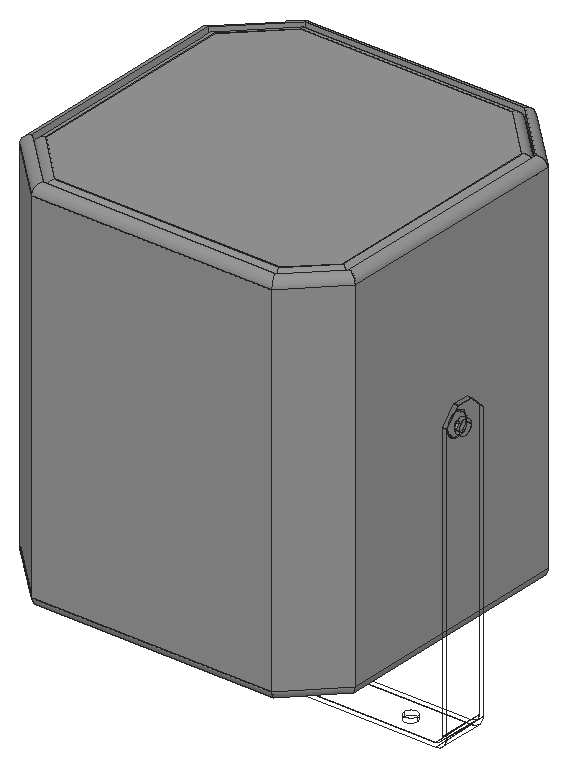
Revit family "1 SOUND_Cannon Series Clamp Mounted", category Communication Devices, host Face, Revit 2020
Family settings
  Host = Face
  Maintain Annotation Orientation = No
  Round Connector Dimension = Use Diameter
  Part Type = Normal
  Cut with Voids When Loaded = No
  Shared = No
  Room Calculation Point = No
Parameters (values of type "C5 with C-Clamp")
  Width - Overall = 200.00 mm
  Width - Mounting Holes = 70.00 mm
  Weight = "9.4 lb / 4.3 kg"
  URL = "https://www.1-sound.com/cannon-coaxials"
  Speaker Type = 1 SOUND_Cannon_C5 : C5
  Speaker Mesh Finish [instance] = 1 Sound - Speaker Mesh_Fabric_Black
  Speaker Box Finish [instance] = 1 Sound - Speaker Box_Black
  Category = "Speaker"  # constant formula
  Angle Limits [instance] = if(Angle Calculation < 0.00°, 0.00°, if(Angle Calculation > 180.00°, 180.00°, Angle Calculation))  # 90.00°
  Angle Calculation [instance] = 90.00° + (Angle)  # 90.00°
  Rigging = "(4) M6 points"  # constant formula
  Power = "240 watts (continuous), 120 watts (AES)"
  Model = "C5"
  Manufacturer = "1 SOUND"  # constant formula
  Impedance = "16Ω"
  Dimensions (HxWxD) = "7.5” (190 mm) x 7.5” (190 mm) x 8.2” (208 mm)"
  Depth - Overall = 167.00 mm
  Default Elevation = 2438.40 mm  # constant formula
  Construction = "Finland birch plywood (phenolic glue), polyurea, clear matte salt and UV resistant coating, 316 stainless steel hardware, 3D spacer mesh fabric"  # constant formula
  Connectors = "(2) NL4, 2-circuit switch"
  Bandwidth = "65 Hz - 18 kHz (-6 dB)"
  Angle [instance] = 0.00°
  Accessory Used = "C-Clamp; C5"
  Accessory Finish [instance] = 1 Sound - Powder Coat_Black
Types (5, lengths in mm): name | Width - Overall | Width - Mounting Holes | Weight | Speaker Type | Angle Limits | Angle Calculation | Power | Model | Impedance | Dimensions (HxWxD) | Depth - Overall | Connectors | Bandwidth | Angle | Accessory Used
  C5 with C-Clamp | 200.00 | 70.00 | "9.4 lb / 4.3 kg" | 1 SOUND_Cannon_C5 : C5 | 90.00° | 90.00° | "240 watts (continuous), 120 watts (AES)" | "C5" | "16Ω" | "7.5” (190 mm) x 7.5” (190 mm) x 8.2” (208 mm)" | 167.00 | "(2) NL4, 2-circuit switch" | "65 Hz - 18 kHz (-6 dB)" | 0.00° | "C-Clamp; C5"
  C6i with C-Clamp | 225.00 | 70.00 | "10.6 lb / 4.8 kg" | 1 SOUND_Cannon_C6 : C6i | 135.00° | 135.00° | "240 watts (continuous), 120 watts (AES)" | "C6i" | "16Ω" | "8.5” (216 mm) x 8.5” (216 mm) x 8.2” (208 mm)" | 172.70 | "(1) screw terminal block with input +/- and loop +/-" | "60 Hz - 18 kHz (-6 dB)" | 45.00° | "C-Clamp; C6"
  C6 with C-Clamp | 225.00 | 70.00 | "10.6 lb / 4.8 kg" | 1 SOUND_Cannon_C6 : C6 | 90.00° | 90.00° | "240 watts (continuous), 120 watts (AES)" | "C6" | "16Ω" | "8.5” (216 mm) x 8.5” (216 mm) x 8.2” (208 mm)" | 172.70 | "(2) NL4, 2-circuit switch" | "60 Hz - 18 kHz (-6 dB)" | 0.00° | "C-Clamp; C6"
  C5i with C-Clamp | 200.00 | 70.00 | "9.4 lb / 4.3 kg" | 1 SOUND_Cannon_C5 : C5i | 90.00° | 90.00° | "240 watts (continuous), 120 watts (AES)" | "C5i" | "16Ω" | "7.5” (190 mm) x 7.5” (190 mm) x 8.2” (208 mm)" | 167.00 | "(1) screw terminal block with input +/- and loop +/-" | "65 Hz - 18 kHz (-6 dB)" | 0.00° | "C-Clamp; C5"
  C4i with C-Clamp | 160.00 | 52.50 | "5.1 lb / 2.3 kg" | 1 SOUND_Cannon_C4i : C4i | 90.00° | 90.00° | "200 watts (continuous), 100 watts (AES)" | "C4i" | "8Ω" | "5.9” (150 mm) x 5.9” (150 mm) x 7” (180 mm)" | 145.00 | "(1) screw terminal block with input +/- and loop +/-" | "100 Hz - 18 kHz (-6 dB)" | 0.00° | "C-Clamp; C4i"
Reference planes
  plane 1 "Center (Front/Back)": y = 0
  plane 2: z = 0
  plane 3 "Center (Left/Right)": x = 0
  plane 4: x = -100
  plane 5: x = 100
  plane 6: z = 167
  plane 7: z = 144
  plane 8: x = -70
  plane 9: x = 70
  plane 10: z = 154.3
Forms (mm)
  Extrusion 1, solid, material "1 Sound - Powder Coat_Black" <- "Accessory Finish"
    sketch origin (0, 0, 0) x (1, 0, 0) y (0, 0, 1)
      loop
        line (-100, 144) -> (-100, 6.5)
        arc (-100, 6.5) -> (-98.096, 1.904) -> (-93.5, 0) r 6.5
        line (-93.5, 0) -> (93.5, 0)
        arc (93.5, 0) -> (98.096, 1.904) -> (100, 6.5) r 6.5
        line (100, 6.5) -> (100, 144) -> (97.5, 144) -> (97.5, 6.5)
        arc (97.5, 6.5) -> (96.328, 3.672) -> (93.5, 2.5) r 4
        line (93.5, 2.5) -> (-93.5, 2.5)
        arc (-93.5, 2.5) -> (-96.328, 3.672) -> (-97.5, 6.5) r 4
        line (-97.5, 6.5) -> (-97.5, 144) -> (-100, 144)
    from -12.7 to 12.7
  Extrusion 2, solid, material "1 Sound - Powder Coat_Black" <- "Accessory Finish"
    sketch origin (0, 0, 0) x (0, 1, 0) y (0, 0, 1)
      loop
        line (12.7, 159) -> (4.7, 167) -> (-4.7, 167) -> (-12.7, 159) -> (-12.7, 144) -> (12.7, 144) -> (12.7, 159)
      loop
        circle (0, 154.3) r 4.22
    from -100 to -97.5
  Extrusion 3, solid, material "1 Sound - Powder Coat_Black" <- "Accessory Finish"
    sketch origin (0, 0, 0) x (0, 1, 0) y (0, 0, -1)
      loop
        line (12.7, -159) -> (12.7, -144) -> (-12.7, -144) -> (-12.7, -159) -> (-4.7, -167) -> (4.7, -167) -> (12.7, -159)
      loop
        circle (0, -154.3) r 4.22
    from -100 to -97.5
  Revolve 4, solid, material "1 Sound - Powder Coat_Black" <- "Accessory Finish"
    sketch origin (0, 0, 0) x (1, 0, 0) y (0, 0, 1)
      loop
        line (0, -0.548) -> (6.35, -0.548) -> (6.35, 2.5) -> (7.234, 2.5) -> (7.234, 8.442) -> (6.35, 9.326) -> (4.853, 9.326) -> (3.969, 8.442) -> (3.969, 2.5) -> (0, 2.5) -> (0, -0.548)
      axis (0, -0.548) -> (0, 9.326)
    angle from 0 to 360
  Extrusion 5, void
    sketch origin (0, 0, 0) x (1, 0, 0) y (0, 1, 0)
      loop
        circle (-70, 0) r 3.6
    from 0 to 2.5
  Extrusion 6, void
    sketch origin (0, 0, 0) x (1, 0, 0) y (0, 1, 0)
      loop
        circle (70, 0) r 3.6
    from 0 to 2.5
Cuts and joins
  Extrusion 5, Extrusion 6 cuts Extrusion 1
  Extrusion 5, Extrusion 6 cuts Extrusion 2
  Extrusion 5, Extrusion 6 cuts Extrusion 3
  joined: Extrusion 1, Extrusion 2, Extrusion 3
Lines and regions (mm)
  reference lines
    curve 1: line (0, 0, 154.3) -> (0, 0, 243.246)
Dimensions and locks
  equal spacing: plane 4, plane 3 "Center (Left/Right)", plane 5
  "Width - Overall": plane 4 to plane 5
  "Depth - Overall": plane 6 to host face
  locked: plane 6 to plane 7 at 23
  locked: plane 4 to cut or joined group of Extrusion 1, Extrusion 2, Extrusion 3, Extrusion 5, Extrusion 6 at 2.5
  locked: cut or joined group of Extrusion 1, Extrusion 2, Extrusion 3, Extrusion 5, Extrusion 6 to plane 5 at 2.5
  equal spacing: plane 8, plane 3 "Center (Left/Right)", plane 9
  "Width - Mounting Holes": plane 8 to plane 3 "Center (Left/Right)"
  "Width - Mounting Holes": plane 3 "Center (Left/Right)" to plane 9
  locked: plane 6 to plane 10 at 12.7
  "Angle Limits": angle curve 1 to plane 10
  aligned and locked: plane 2 to host face
  aligned and locked: level to host face
  aligned and locked: Extrusion 1 sketch curve to plane 7
  aligned and locked: plane 7 to Extrusion 1 sketch curve
  aligned and locked: plane 6 to Extrusion 2 sketch curve
  aligned and locked: Extrusion 2 sketch curve to plane 7
  aligned and locked: Extrusion 3 sketch curve to plane 6
  aligned and locked: plane 7 to Extrusion 3 sketch curve
  aligned and locked: plane 4 to Extrusion 2
  aligned and locked: Extrusion 3 to plane 5
  aligned and locked: Extrusion 1 to Extrusion 2
  aligned and locked: curve 1 to nested 1
  aligned and locked: plane 1 "Center (Front/Back)" to curve 1
  aligned and locked: plane 10 to curve 1
Automatic sketch dimensions
  host sketch curve to host sketch curve = 2438.40 mm  (x2)
  Extrusion 1 sketch curve to Extrusion 1 sketch curve = 0.00 mm  (x4)
  plane 4 to Extrusion 1 sketch curve = 0.00 mm
  Extrusion 1 sketch curve to level = 0.00 mm
  plane 5 to Extrusion 1 sketch curve = 0.00 mm
  Extrusion 1 sketch curve to Extrusion 1 sketch curve = 2.50 mm
  Extrusion 1 sketch curve to Extrusion 1 sketch curve = 4.00 mm
  plane 5 to Extrusion 1 sketch curve = 6.50 mm
  Extrusion 2 sketch curve to plane 1 "Center (Front/Back)" = 0.00 mm
  plane 1 "Center (Front/Back)" to Extrusion 2 sketch curve = 4.70 mm
  Extrusion 2 sketch curve to Extrusion 2 sketch curve = 8.00 mm
  Extrusion 2 sketch curve to plane 1 "Center (Front/Back)" = 4.70 mm
  Extrusion 2 sketch curve to plane 1 "Center (Front/Back)" = 12.70 mm
  plane 7 to Extrusion 2 sketch curve = 10.30 mm
  Extrusion 2 sketch curve to plane 6 = 8.00 mm  (x2)
  Extrusion 3 sketch curve to plane 1 "Center (Front/Back)" = 0.00 mm
  plane 1 "Center (Front/Back)" to Extrusion 3 sketch curve = 4.70 mm
  Extrusion 3 sketch curve to Extrusion 3 sketch curve = 8.00 mm
  Extrusion 3 sketch curve to plane 1 "Center (Front/Back)" = 4.70 mm
  Extrusion 3 sketch curve to plane 1 "Center (Front/Back)" = 12.70 mm
  Extrusion 3 sketch curve to plane 6 = 8.00 mm  (x2)
  plane 7 to Extrusion 3 sketch curve = 10.30 mm
  Revolve 4 sketch curve to plane 3 "Center (Left/Right)" = 0.00 mm  (x2)
  Revolve 4 sketch curve to Revolve 4 sketch curve = 0.884 mm  (x5)
  Revolve 4 sketch curve to level = 0.548 mm
  level to Revolve 4 sketch curve = 2.50 mm
  Revolve 4 sketch curve to Revolve 4 sketch curve = 0.00 mm  (x3)
  Revolve 4 sketch curve to Revolve 4 sketch curve = 5.942 mm
  plane 3 "Center (Left/Right)" to Revolve 4 sketch curve = 3.969 mm
  Revolve 4 sketch curve to Revolve 4 sketch curve = 2.381 mm
  plane 1 "Center (Front/Back)" to Extrusion 5 sketch curve = 0.00 mm
  Extrusion 5 sketch curve to plane 8 = 0.00 mm
  plane 1 "Center (Front/Back)" to Extrusion 6 sketch curve = 0.00 mm
  Extrusion 6 sketch curve to plane 9 = 0.00 mm
  radius of Extrusion 2 sketch curve = 4.22 mm
  radius of Extrusion 3 sketch curve = 4.22 mm
  radius of Extrusion 5 sketch curve = 3.60 mm
  radius of Extrusion 6 sketch curve = 3.60 mm
Nested families
  nested 1: "1 SOUND_Cannon_C5" at (8.925, -95, 258.3) x (1, 0, 0) z (0, 1, 0), type <- "Speaker Type", Speaker Box Finish <- "Speaker Box Finish", Speaker Mesh Finish <- "Speaker Mesh Finish", type "C5"
    with Speaker Mesh Finish 1 Sound - Speaker Mesh_Fabric_Black, Speaker Box Finish 1 Sound - Speaker Box_Black, Origin Plane 95.00 mm, Origin Is Centered no, Connector - Screw Terminal Block no, Connector - NL4 yes
  nested 2: "1 SOUND_Cannon_C-Clamp Screw" at (95, 0, 145.375) x (0, 0, -1) z (0, 1, 0), type "C-Clamp Screw"
  nested 3: "1 SOUND_Cannon_C-Clamp Screw" at (-95, 0, 145.375) x (0, 0, -1) z (0, 1, 0), type "C-Clamp Screw"
Definition of nested family "1 SOUND_Cannon_C5"
  Parameters (values of type "Cannon C5i")
    Width - Overall = 190.00 mm
    Weight = "9.4 lb / 4.3 kg"
    URL = "https://www.1-sound.com/cannon-coaxials"
    Speaker Mesh Finish [instance] = none
    Speaker Box Finish [instance] = none
    Rigging = "(4) M6 points"  # constant formula
    Power = "240 watts (continuous), 120 watts (AES)"
    Origin Plane [instance] = if(Origin Is Centered, 0.00 mm, (Height Overall / 2))  # 95.00 mm
    Origin Is Centered [instance] = no
    Model = "C5i"
    Manufacturer = "1 Sound"  # constant formula
    Impedance = "16Ω"
    Height Overall = 190.00 mm
    Dimensions (HxWxD) = "7.5” (190 mm) x 7.5” (190 mm) x 8.2” (208 mm)"
    Depth - Overall = 208.00 mm
    Default Elevation = 1219.20 mm
    Construction = "Finland birch plywood (phenolic glue), polyurea, clear matte salt and UV resistant coating, 316 stainless steel hardware, 3D spacer mesh fabric"  # constant formula
    Connectors = "(1) screw terminal block with input +/- and loop +/-"
    Connector - Screw Terminal Block = yes
    Connector - NL4 = no
    Bandwidth = "65 Hz - 18 kHz (-6 dB)"
  Types (3, lengths in mm): name | Origin Plane | Origin Is Centered | Model | Connectors | Connector - Screw Terminal Block | Connector - NL4
    (no name) | 95.00 | no | "C5i" | "(1) screw terminal block with input +/- and loop +/-" | yes | no
    Cannon C5 | 0.00 | yes | "C5" | "(2) NL4, 2-circuit switch" | no | yes
    Cannon C5i | 95.00 | no | "C5i" | "(1) screw terminal block with input +/- and loop +/-" | yes | no
  Reference planes
    plane 1 "Center (Front/Back)": y = 0
    plane 2: z = 0
    plane 3 "Center (Left/Right)": x = -8.925
    plane 4 "Speaker Depth": y = 208
    plane 5: z = 190
    plane 6: x = 86.075
    plane 7: x = -103.925
    plane 8: z = 95
    plane 9: y = 104
    plane 10: x = -53.925
    plane 11: z = 0
  Forms (mm)
    Sweep 1, solid, material <- "Speaker Box Finish"
      path origin (0, 0, 107) x (1, 0, 0) y (0, 0, 1)
        loop
          line (-69.469, 78) -> (-98.925, 48.544) -> (-98.925, -72.544) -> (-69.469, -102) -> (58.576, -102) -> (81.075, -79.501) -> (81.075, 48.544) -> (51.619, 78) -> (-69.469, 78)
      profile origin (-8.925, 0, 185) x (0, 0, 1) y (0, -1, 0)
        loop
          arc (5, -5) -> (3.536, -1.464) -> (0, 0) r 5
          line (0, 0) -> (0, -5) -> (5, -5)
    Sweep 2, solid, material <- "Speaker Mesh Finish"
      path origin (761.008, 109, -738.704) x (1, 0, 0) y (0, 0, -1)
        loop
          line (-711.667, -918.204) -> (-685.433, -891.97) -> (-685.433, -768.481) -> (-704.71, -749.204) -> (-828.199, -749.204) -> (-854.433, -775.438) -> (-854.433, -891.97) -> (-828.199, -918.204) -> (-711.667, -918.204)
      profile origin (-8.925, 109, 179.5) x (0, 0, 1) y (0, 1, 0)
        loop
          line (5, -104) -> (0, -104) -> (0, -109)
          arc (0, -109) -> (3.536, -107.536) -> (5, -104) r 5
    Sweep 3, solid, material <- "Speaker Box Finish"
      path origin (0, 208, 107) x (-1, 0, 0) y (0, 0, 1)
        loop
          line (69.469, 78) -> (-51.619, 78) -> (-81.075, 48.544) -> (-81.075, -79.501) -> (-58.576, -102) -> (69.469, -102) -> (98.925, -72.544) -> (98.925, 48.544) -> (69.469, 78)
      profile origin (-8.925, 208, 185) x (0, 0, -1) y (0, 1, 0)
        loop
          line (-5, -5) -> (0, -5) -> (0, 0)
          arc (0, 0) -> (-3.536, -1.464) -> (-5, -5) r 5
    Extrusion 4, solid, material <- "Speaker Box Finish"
      sketch origin (0, 0, -151793) x (1, 0, 0) y (0, 0, 1)
        loop
          line (53.69, 151983) -> (-71.54, 151983) -> (-103.925, 151950.615) -> (-103.925, 151825.385) -> (-71.54, 151793) -> (60.647, 151793) -> (86.075, 151818.428) -> (86.075, 151950.615) -> (53.69, 151983)
      from -203.02 to -5
    Extrusion 5, solid, material <- "Speaker Mesh Finish"
      sketch origin (0, 0, 0) x (1, 0, 0) y (0, 0, 1)
        loop
          line (-93.425, 153.266) -> (-93.425, 36.734) -> (-67.191, 10.5) -> (56.298, 10.5) -> (75.575, 29.777) -> (75.575, 153.266) -> (49.341, 179.5) -> (-67.191, 179.5) -> (-93.425, 153.266)
      from 0 to -5
    Extrusion 6, void
      sketch origin (0, 5, 0) x (1, 0, 0) y (0, 0, 1)
        loop
          line (-98.925, 155.544) -> (-98.925, 34.456) -> (-69.469, 5) -> (58.576, 5) -> (81.075, 27.499) -> (81.075, 155.544) -> (51.619, 185) -> (-69.469, 185) -> (-98.925, 155.544)
      from 0 to -5
    Extrusion 7, solid
      sketch origin (0, 5, 0) x (1, 0, 0) y (0, 0, 1)
        loop
          line (-98.925, 155.544) -> (-98.925, 34.456) -> (-69.469, 5) -> (51.619, 5) -> (81.075, 34.456) -> (81.075, 155.544) -> (51.619, 185) -> (-69.469, 185) -> (-98.925, 155.544)
      from 0 to -5
    Sweep 8, solid, material <- "Speaker Mesh Finish"
      path origin (0, 208, 0) x (-1, 0, 0) y (0, 0, 1)
        loop
          line (53.925, 179.5) -> (-49.341, 179.5) -> (-75.575, 153.266) -> (-75.575, 29.777) -> (-56.298, 10.5) -> (53.925, 10.5) -> (53.925, 179.5)
      profile origin (-2.292, 208, 179.5) x (0, 0, -1) y (0, 1, 0)
        loop
          line (-4.999, -5) -> (0.001, -5) -> (0.001, 0)
          arc (0.001, 0) -> (-3.535, -1.464) -> (-4.999, -5) r 5
    Extrusion 9, solid, material <- "Speaker Mesh Finish"
      sketch origin (0, 208, 0) x (-1, 0, 0) y (0, 0, 1)
        loop
          line (-49.341, 179.499) -> (-75.574, 153.266) -> (-75.574, 29.777) -> (-56.298, 10.501) -> (53.924, 10.501) -> (53.924, 179.499) -> (-49.341, 179.499)
      from -4.98 to 0
    Extrusion 10, void
      sketch origin (0, 208, 0) x (-1, 0, 0) y (0, 0, 1)
        loop
          line (-51.412, 184.499) -> (-80.574, 155.337) -> (-80.574, 27.706) -> (-58.369, 5.501) -> (58.924, 5.501) -> (58.924, 184.499) -> (-51.412, 184.499)
      from -9.96 to -4.98
    Extrusion 11, solid
      sketch origin (0, 208, 0) x (-1, 0, 0) y (0, 0, 1)
        loop
          line (58.924, 184.499) -> (-51.412, 184.499) -> (-80.574, 155.337) -> (-80.574, 27.706) -> (-58.369, 5.501) -> (58.924, 5.501) -> (58.924, 184.499)
      from -9.96 to -4.98
    Extrusion 12, void
      sketch origin (-8.925, 0, 0) x (0, 1, 0) y (0, 0, 1)
        loop
          circle (104, 95) r 6.855
      from -152.596 to 138.234
  Cuts and joins
    Extrusion 6, Extrusion 10, Extrusion 12 cuts Extrusion 4
  Dimensions and locks
    "Depth - Overall": plane 1 "Center (Front/Back)" to plane 4 "Speaker Depth"
    "Height Overall": plane 5 to plane 2
    equal spacing: plane 6, plane 3 "Center (Left/Right)", plane 7
    "Width - Overall": plane 6 to plane 7
    Sweep 1 sketch curve to plane 5 = 5.00 mm
    Extrusion 4 to Sweep 1 sketch curve = 5.00 mm  (x4)
    Sweep 1 sketch curve to plane 7 = 5.00 mm
    Sweep 1 sketch curve to level = 5.00 mm
    Sweep 1 sketch curve to plane 6 = 5.00 mm
    Sweep 3 sketch curve to plane 5 = 5.00 mm
    Extrusion 4 to Sweep 3 sketch curve = 5.00 mm  (x4)
    equal spacing: plane 6, Sweep 3 sketch curve, Sweep 3 sketch curve
    equal spacing: level, Sweep 3 sketch curve, Sweep 3 sketch curve
    plane 7 to Sweep 3 sketch curve = 5.00 mm
    Sweep 2 sketch curve to level = 10.50 mm
    Extrusion 4 to Sweep 2 sketch curve = 10.50 mm  (x5)
    Sweep 2 sketch curve to plane 5 = 10.50 mm
    Sweep 2 sketch curve to plane 6 = 10.50 mm
    equal spacing: plane 5, plane 8, level
    equal spacing: plane 1 "Center (Front/Back)", plane 9, plane 4 "Speaker Depth"
    "Origin Plane": plane 11 to plane 8
    aligned and locked: plane 2 to level
    aligned and locked: plane 4 "Speaker Depth" to Sweep 3
    aligned and locked: plane 1 "Center (Front/Back)" to Sweep 2
    aligned and locked: plane 7 to Extrusion 4 sketch curve
    aligned and locked: plane 5 to Extrusion 4 sketch curve
    aligned and locked: plane 6 to Extrusion 4 sketch curve
    aligned and locked: Extrusion 4 sketch curve to level
    aligned and locked: Extrusion 5 sketch curve to Sweep 2  (x8)
    aligned and locked: Sweep 1 to Extrusion 6 sketch curve
    aligned and locked: Extrusion 6 sketch curve to Sweep 1  (x7)
    aligned and locked: Extrusion 5 to Sweep 8 sketch curve
    aligned and locked: Sweep 8 sketch curve to Extrusion 5  (x4)
    aligned and locked: Extrusion 9 sketch curve to Sweep 8  (x6)
    aligned and locked: plane 4 "Speaker Depth" to Extrusion 9
    aligned and locked: Extrusion 10 sketch curve to Sweep 8  (x6)
    aligned and locked: Extrusion 11 sketch curve to cut or joined group of Extrusion 4, Extrusion 6, Extrusion 10, Extrusion 12  (x6)
    aligned and locked: nested 2 to plane 8
    aligned and locked: Extrusion 12 sketch curve to nested 2  (x2)
    aligned and locked: plane 9 to nested 2
    aligned and locked: plane 6 to nested 2
    aligned and locked: nested 3 to plane 9
    aligned and locked: plane 8 to nested 3
    aligned and locked: plane 7 to nested 3
    aligned and locked: plane 10 to Sweep 8 sketch curve
  Automatic sketch dimensions
    profile plane to Sweep 1 sketch curve = 0.00 mm
    Sweep 1 sketch curve to plane 1 "Center (Front/Back)" = 0.00 mm
    Sweep 1 sketch curve to plane 1 "Center (Front/Back)" = 5.00 mm
    profile plane to Sweep 2 sketch curve = 0.00 mm
    Sweep 2 sketch curve to Sweep 2 sketch curve = 5.00 mm
    Sweep 2 sketch curve to profile plane = 109.00 mm
    Sweep 3 sketch curve to plane 6 = 5.00 mm
    level to Sweep 3 sketch curve = 5.00 mm
    Sweep 3 sketch curve to plane 4 "Speaker Depth" = 0.00 mm
    Sweep 3 sketch curve to profile plane = 0.00 mm
    Sweep 3 sketch curve to Sweep 3 sketch curve = 5.00 mm
    Extrusion 4 sketch curve to plane 6 = 25.428 mm
    Extrusion 4 sketch curve to plane 6 = 32.385 mm
    level to Extrusion 4 sketch curve = 25.428 mm
    level to Extrusion 4 sketch curve = 32.385 mm
    Extrusion 4 sketch curve to plane 5 = 32.385 mm  (x2)
    plane 7 to Extrusion 7 sketch curve = 5.00 mm
    Extrusion 7 sketch curve to plane 5 = 5.00 mm
    level to Extrusion 7 sketch curve = 5.00 mm
    Extrusion 7 sketch curve to plane 6 = 34.456 mm  (x2)
    Extrusion 7 sketch curve to plane 6 = 5.00 mm
    level to Extrusion 7 sketch curve = 34.456 mm  (x2)
    Extrusion 7 sketch curve to plane 5 = 34.456 mm  (x2)
    Sweep 8 sketch curve to plane 4 "Speaker Depth" = 0.00 mm
    profile plane to Sweep 8 sketch curve = 4.999 mm
    Sweep 8 sketch curve to profile plane = 0.001 mm
    plane 7 to Extrusion 4 sketch curve = 32.385 mm  (x2)
    plane 7 to Extrusion 7 sketch curve = 34.456 mm  (x2)
  Nested families
    nested 1: "1 Sound_Speaker_Cannon_Connections_NL4_Non-Face Based" at (10, 204.02, -12), visible <- "Connector - NL4", Connector - NL4 <- "Connector - NL4", type "1 Sound_Speaker_Cannon_Connections_NL4_Non-Face Based"
      with Connector - NL4 no
    nested 2: "1 SOUND_Cannon_C-Clamp Screw" at (86.075, 112.925, 95) x (0, 1, 0) z (0, 0, 1), type "C-Clamp Screw"
    nested 3: "1 SOUND_Cannon_C-Clamp Screw" at (-103.925, 112.925, 95) x (0, 1, 0) z (0, 0, 1), type "C-Clamp Screw"
    nested 4: "1 Sound_Speaker_Cannon_Connections_Screw Terminal Block_Non-Face Based" at (9.607, 203.52, -34.535), visible <- "Connector - Screw Terminal Block", Connector - Screw Terminal Block <- "Connector - Screw Terminal Block", type "1 Sound_Speaker_Cannon_Connections_Screw Terminal Block_Non-Face Based"
      with Connector - Screw Terminal Block yes
  Definition of nested family "1 SOUND_Cannon_C-Clamp Screw"
    Parameters (values of type "1 Sound_Hardware_C-Clamp Screw_Non-Face Based")
      Weight = ""
      Rigging = ""
      Power = ""
      Impedance = ""
      Dimensions (HxWxD) = ""
      Default Elevation = 1219.20 mm
      Construction = ""
      Connectors = ""
      Bandwidth = ""
    Reference planes
      plane 1 "Center (Front/Back)": y = 0
      plane 2: z = 0
      plane 3 "Center (Left/Right)": x = -8.925
    Forms (mm)
      Extrusion 1, solid
        sketch origin (-379.453, 0, -3.595) x (1, 0, 0) y (0, 0, 1)
          loop
            circle (370.528, 3.595) r 5.85
        from 0 to -7
      Extrusion 2, void
        sketch origin (-379.453, 0, -3.595) x (1, 0, 0) y (0, 0, 1)
          loop
            line (371.936, 1.764) -> (372.818, 3.899) -> (371.41, 5.73) -> (369.121, 5.426) -> (368.239, 3.292) -> (369.646, 1.461) -> (371.936, 1.764)
        from 0 to -3
    Cuts and joins
      Extrusion 2 cuts Extrusion 1
    Lines and regions (mm)
      reference lines
        curve 1: line (-8.925, 0, 13.636) -> (-8.925, 0, -16.364)
        curve 2: line (10.534, 0, 0) -> (-29.957, 0, 0)
      model lines
        curve 3: arc (-2.07, 0, 0) -> (-8.925, 0, 6.855) -> (-15.78, 0, 0) r 6.855
        curve 4: arc (-15.78, 0, 0) -> (-8.925, 0, -6.855) -> (-2.07, 0, 0) r 6.855
    Dimensions and locks
      aligned and locked: plane 2 to level
  Definition of nested family "1 Sound_Speaker_Cannon_Connections_Screw Terminal Block_Non-Face Based"
    Parameters (values of type "1 Sound_Speaker_Cannon_Connections_Screw Terminal Block_Non-Face Based")
      Default Elevation = 1219.20 mm
      Connector - Screw Terminal Block [instance] = yes
    Reference planes
      plane 1 "Center (Front/Back)": y = 0
      plane 2: z = 0
      plane 3 "Center (Left/Right)": x = -8.925
    Forms (mm)
      Extrusion 1, solid, visible <- "Connector - Screw Terminal Block"
        sketch origin (-9.277, -1.542, 68.918) x (-1, 0, 0) y (0, 0, 1)
          loop
            circle (79.148, 110.582) r 4.59
        from 1.842 to 1.042
      Extrusion 2, void
        sketch origin (-9.277, 1.246, 68.918) x (-1, 0, 0) y (0, 0, 1)
          loop
            line (77.898, 111.303) -> (77.898, 109.86) -> (79.148, 109.138) -> (80.398, 109.86) -> (80.398, 111.303) -> (79.148, 112.025) -> (77.898, 111.303)
        from -1.246 to -0.429
      Extrusion 3, solid, visible <- "Connector - Screw Terminal Block"
        sketch origin (-12.95, -1.542, 39.01) x (-1, 0, 0) y (0, 0, 1)
          loop
            circle (79.148, 110.582) r 4.59
        from 1.842 to 1.042
      Extrusion 4, void
        sketch origin (-12.95, 1.246, 39.01) x (-1, 0, 0) y (0, 0, 1)
          loop
            line (77.898, 111.303) -> (77.898, 109.86) -> (79.148, 109.138) -> (80.398, 109.86) -> (80.398, 111.303) -> (79.148, 112.025) -> (77.898, 111.303)
        from -1.246 to -0.429
      Extrusion 5, solid, visible <- "Connector - Screw Terminal Block"
        sketch origin (-9.167, -1.542, -31.013) x (-1, 0, 0) y (0, 0, 1)
          loop
            circle (79.148, 110.582) r 4.59
        from 1.842 to 1.042
      Extrusion 6, void
        sketch origin (-9.167, 1.246, -31.013) x (-1, 0, 0) y (0, 0, 1)
          loop
            line (77.898, 111.303) -> (77.898, 109.86) -> (79.148, 109.138) -> (80.398, 109.86) -> (80.398, 111.303) -> (79.148, 112.025) -> (77.898, 111.303)
        from -1.246 to -0.429
      Extrusion 7, solid, visible <- "Connector - Screw Terminal Block"
        sketch origin (-6.51, -1.542, -14.236) x (-1, 0, 0) y (0, 0, 1)
          loop
            line (81.822, 146.615) -> (81.822, 110.815) -> (95.022, 110.815) -> (95.022, 146.615) -> (81.822, 146.615)
        from 2.5 to 1.042
      Extrusion 8, solid, visible <- "Connector - Screw Terminal Block"
        sketch origin (-6.51, -1.542, -14.236) x (-1, 0, 0) y (0, 0, 1)
          loop
            line (82.922, 103.915) -> (93.922, 103.915)
            arc (93.922, 103.915) -> (94.276, 104.062) -> (94.422, 104.415) r 0.5
            line (94.422, 104.415) -> (94.422, 153.015)
            arc (94.422, 153.015) -> (94.276, 153.369) -> (93.922, 153.515) r 0.5
            line (93.922, 153.515) -> (82.922, 153.515)
            arc (82.922, 153.515) -> (82.569, 153.369) -> (82.422, 153.015) r 0.5
            line (82.422, 153.015) -> (82.422, 104.415)
            arc (82.422, 104.415) -> (82.569, 104.062) -> (82.922, 103.915) r 0.5
        from 1.842 to 1.042
      Extrusion 9, void
        sketch origin (-16.642, 2.046, -22.415) x (-1, 0, 0) y (0, 0, 1)
          loop
            line (79.57, 117.008) -> (78.29, 117.747) -> (77.01, 117.008) -> (77.01, 115.53) -> (78.29, 114.791) -> (79.57, 115.53) -> (79.57, 117.008)
        from -1.246 to -0.429
      Extrusion 10, solid, visible <- "Connector - Screw Terminal Block"
        sketch origin (-17.3, -0.742, -21.322) x (-1, 0, 0) y (0, 0, 1)
          loop
            circle (77.632, 115.176) r 2.6
        from 1.842 to 1.042
      Extrusion 11, void
        sketch origin (-16.642, 2.046, 251.373) x (-1, 0, 0) y (0, 0, 1)
          loop
            line (79.57, -117.008) -> (79.57, -115.53) -> (78.29, -114.791) -> (77.01, -115.53) -> (77.01, -117.008) -> (78.29, -117.747) -> (79.57, -117.008)
        from -1.246 to -0.429
      Extrusion 12, solid, visible <- "Connector - Screw Terminal Block"
        sketch origin (-17.3, -0.742, 250.28) x (-1, 0, 0) y (0, 0, 1)
          loop
            circle (77.632, -115.176) r 2.6
        from 1.842 to 1.042
    Cuts and joins
      Extrusion 2, Extrusion 4 cuts Extrusion 1
      Extrusion 4, Extrusion 6 cuts Extrusion 3
      Extrusion 6 cuts Extrusion 5
      Extrusion 9, Extrusion 11 cuts Extrusion 10
      Extrusion 11 cuts Extrusion 12
    Lines and regions (mm)
      reference lines
        curve 1: line (-88.61, 208, 231.433) -> (-88.61, 208, -23.567)
        curve 2: line (-35.611, 208, 129.535) -> (-165.611, 208, 129.535)
    Dimensions and locks
      aligned and locked: plane 2 to level
Definition of nested family "1 SOUND_Cannon_C-Clamp Screw"
  Parameters (values of type "1 Sound_Hardware_C-Clamp Screw_Non-Face Based")
    Weight = ""
    Rigging = ""
    Power = ""
    Impedance = ""
    Dimensions (HxWxD) = ""
    Default Elevation = 1219.20 mm
    Construction = ""
    Connectors = ""
    Bandwidth = ""
  Reference planes
    plane 1 "Center (Front/Back)": y = 0
    plane 2: z = 0
    plane 3 "Center (Left/Right)": x = -8.925
  Forms (mm)
    Extrusion 1, solid
      sketch origin (-379.453, 0, -3.595) x (1, 0, 0) y (0, 0, 1)
        loop
          circle (370.528, 3.595) r 5.85
      from 0 to -7
    Extrusion 2, void
      sketch origin (-379.453, 0, -3.595) x (1, 0, 0) y (0, 0, 1)
        loop
          line (371.936, 1.764) -> (372.818, 3.899) -> (371.41, 5.73) -> (369.121, 5.426) -> (368.239, 3.292) -> (369.646, 1.461) -> (371.936, 1.764)
      from 0 to -3
  Cuts and joins
    Extrusion 2 cuts Extrusion 1
  Lines and regions (mm)
    reference lines
      curve 1: line (-8.925, 0, 13.636) -> (-8.925, 0, -16.364)
      curve 2: line (10.534, 0, 0) -> (-29.957, 0, 0)
    model lines
      curve 3: arc (-2.07, 0, 0) -> (-8.925, 0, 6.855) -> (-15.78, 0, 0) r 6.855
      curve 4: arc (-15.78, 0, 0) -> (-8.925, 0, -6.855) -> (-2.07, 0, 0) r 6.855
  Dimensions and locks
    aligned and locked: plane 2 to level
